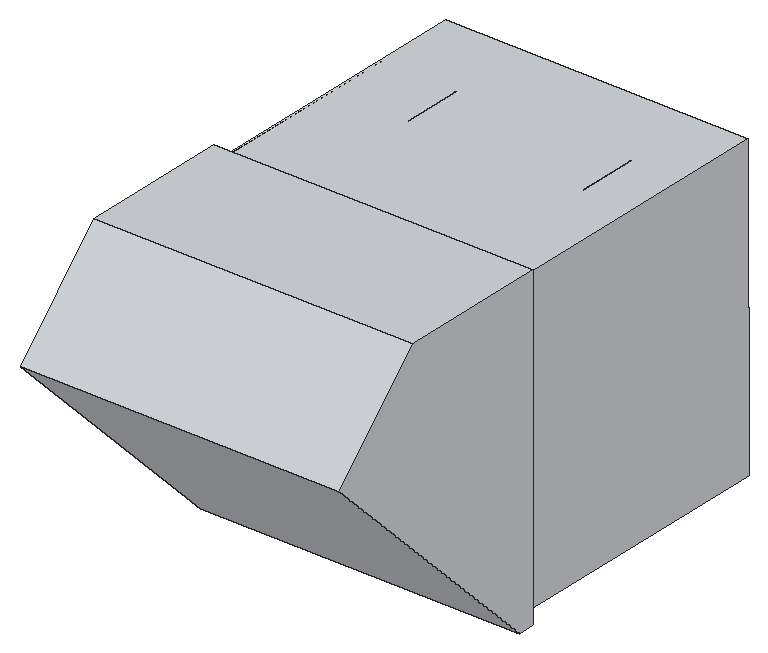
Revit family "APB", category Mechanical Equipment, Revit 2019
Family settings
  Round Connector Dimension = Use Diameter
  Part Type = Normal
  Work Plane-Based = No
  Always vertical = Yes
  Cut with Voids When Loaded = No
  Shared = No
  Room Calculation Point = No
Parameters (values of type "48_APB")
  WO_PAC/2 = WO_PAC / 2  # 2' - 3 21/32"
  WO_PAC = B_PAC + 0' 0 1/4"  # 4' - 7 5/16"
  WH_C = 5' - 1"
  WH_B/2 = WH_B / 2  # 2' - 5"
  WH_B = 4' - 10"
  WH_A = 3' - 8 3/16"
  WEATHER_HOOD [instance] = yes
  Unit Weight [instance] = ""
  Sones [instance] = ""
  SIZE/2 = SIZE / 2  # 2' - 0"
  SIZE = 4' - 0"
  Motor RPM [instance] = ""
  Motor Enclosure [instance] = ""
  ModelID [instance] = ""
  MOTOR = D_SUP / 10  # 0' - 5.4"
  LwA [instance] = ""
  Fan RPM [instance] = ""
  D_SUP/2 = D_SUP / 2  # 2' - 3"
  D_SUP = 4' - 6"
  D_PAC/2 = D_PAC / 2 - 0' 4"  # 1' - 9 7/16"
  D_PAC = 4' - 2 7/8"
  D/2 = D / 2  # 0' - 1 1/2"
  D = 0' - 3"
  C_PAC/2 = C_PAC / 2  # 2' - 1 3/4"
  C_PAC = 4' - 3 1/2"
  C/2 = C / 2  # 0' - 3 13/16"
  C = 0' - 7 5/8"
  B_PAC/2 = B_PAC / 2  # 2' - 3 17/32"
  B_PAC = 4' - 7 1/16"
  B/4 = B / 4  # 0' - 6 37/64"
  B/2 = B / 2  # 1' - 1 5/32"
  B = 2' - 2 5/16"
  Accessories [instance] = ""
  A_PAC/2 = A_PAC / 2  # 2' - 4 3/4"
  A_PAC = 4' - 9 1/2"
  A/7 = A / 7  # 0' - 7.74107"
  A/3.5 = A / 3.5  # 1' - 3.48214"
  A/2 = A / 2  # 2' - 3 3/32"
  A = 4' - 6 3/16"
  9" = 0' - 9"  # constant formula
  3" = 0' - 3"  # constant formula
  Brake Hp [instance] = ""
  4" = 0' - 4"  # constant formula
  2' = 2' - 0"
  2" = 0' - 2"  # constant formula
  135 = 135.00°  # constant formula
  90 = 90.00°  # constant formula
  1" = 0' - 1"  # constant formula
  0 = 0' - 0"  # constant formula
  Voltage [instance] = 0 V
  URL = "www.lorencook.com"
  Type Comments = "Axia-Pac Wall Exhaust Ventilator Cast Aluminum Propeller Belt Drive"  # constant formula
  Static Pressure [instance] = 0.00 in-wg
  Power [instance] = Voltage * Motor FLA * sqrt(if(Phase = 3, 3, 1))  # 0 VA
  Phase [instance] = 0
  Number of Poles [instance] = 1
  Motor Hp [instance] = "0"
  Motor FLA [instance] = 0 A
  Model = "APB"  # constant formula
  Manufacturer = "Loren Cook Company"
  CFM [instance] = 0 CFM
  1.5 = 0' - 1 1/2"  # constant formula
  HALF = 0' - 0 1/2"  # constant formula
  ONE EIGTH = 0' - 0 1/8"  # constant formula
  -WH_B/2 = -WH_B / 2  # -2' - 5"
  -D_PAC/2 = -D_PAC / 2 - 0' 4"  # -2' - 5 7/16"
  -D = -D  # -0' - 3"
  -C/2 = -C / 2  # -0' - 3 13/16"
  -B+1" = -B + 0' 2"  # -2' - 0 5/16"
  -B = -B  # -2' - 2 5/16"
  -((SIZE/2)-.25") = -((SIZE / 2) - 0' 0 1/4")  # -1' - 11 3/4"
  -((A/2)-C-.5") = -((A / 2) - C - 0' 0 1/2")  # -1' - 6 31/32"
  (SIZE/2)-.25" = (SIZE / 2) - 0' 0 1/4"  # 1' - 11 3/4"
  (D_SUP/2)-(C/2)-.125" = (D_SUP / 2) - (C / 2) - 0' 0 1/8"  # 1' - 11 1/16"
  (A/2)-C-.5" = (A / 2) - C - 0' 0 1/2"  # 1' - 6 31/32"
  (A/2)-1" = (A / 2) - 0' 0 1/4"  # 2' - 2 27/32"
Types (6): name | WO_PAC/2 | WO_PAC | WH_C | WH_B/2 | WH_B | WH_A | SIZE/2 | SIZE | MOTOR | D_SUP/2 | D_SUP | D_PAC/2 | D_PAC | D/2 | D | C_PAC/2 | C_PAC | C/2 | C | B_PAC/2 | B_PAC | B/4 | B/2 | B | A_PAC/2 | A_PAC | A/7 | A/3.5 | A/2 | A | -WH_B/2 | -D_PAC/2 | -D | -C/2 | -B+1" | -B | -((SIZE/2)-.25") | -((A/2)-C-.5") | (SIZE/2)-.25" | (D_SUP/2)-(C/2)-.125" | (A/2)-C-.5" | (A/2)-1"
  (no name) | 2' - 3 21/32" | 4' - 7 5/16" | 5' - 1" | 2' - 5" | 4' - 10" | 3' - 8 3/16" | 2' - 0" | 4' - 0" | 0' - 5.4" | 2' - 3" | 4' - 6" | 1' - 9 7/16" | 4' - 2 7/8" | 0' - 1 1/2" | 0' - 3" | 2' - 1 3/4" | 4' - 3 1/2" | 0' - 3 13/16" | 0' - 7 5/8" | 2' - 3 17/32" | 4' - 7 1/16" | 0' - 6 37/64" | 1' - 1 5/32" | 2' - 2 5/16" | 2' - 4 3/4" | 4' - 9 1/2" | 0' - 7.74107" | 1' - 3.48214" | 2' - 3 3/32" | 4' - 6 3/16" | -2' - 5" | -2' - 5 7/16" | -0' - 3" | -0' - 3 13/16" | -2' - 0 5/16" | -2' - 2 5/16" | -1' - 11 3/4" | -1' - 6 31/32" | 1' - 11 3/4" | 1' - 11 1/16" | 1' - 6 31/32" | 2' - 2 27/32"
  24_APB | 1' - 3 5/8" | 2' - 7 1/4" | 3' - 1" | 1' - 5" | 2' - 10" | 2' - 3 1/8" | 1' - 0" | 2' - 0" | 0' - 3" | 1' - 3" | 2' - 6" | 1' - 1 3/16" | 2' - 10 3/8" | 0' - 1" | 0' - 2" | 1' - 1 3/4" | 2' - 3 1/2" | 0' - 3 3/8" | 0' - 6 3/4" | 1' - 3 1/2" | 2' - 7" | 0' - 4 49/64" | 0' - 9 17/32" | 1' - 7 1/16" | 1' - 4 3/4" | 2' - 9 1/2" | 0' - 4 5/16" | 0' - 8 5/8" | 1' - 3 3/32" | 2' - 6 3/16" | -1' - 5" | -1' - 9 3/16" | -0' - 2" | -0' - 3 3/8" | -1' - 5 1/16" | -1' - 7 1/16" | -0' - 11 3/4" | -0' - 7 27/32" | 0' - 11 3/4" | 0' - 11 1/2" | 0' - 7 27/32" | 1' - 2 27/32"
  30_APB | 1' - 6 5/8" | 3' - 1 1/4" | 3' - 7" | 1' - 8" | 3' - 4" | 2' - 7 7/16" | 1' - 3" | 2' - 6" | 0' - 3.6" | 1' - 6" | 3' - 0" | 1' - 3" | 3' - 2" | 0' - 1 1/2" | 0' - 3" | 1' - 4 3/4" | 2' - 9 1/2" | 0' - 3 3/8" | 0' - 6 3/4" | 1' - 6 1/2" | 3' - 1" | 0' - 4 49/64" | 0' - 9 17/32" | 1' - 7 1/16" | 1' - 7 3/4" | 3' - 3 1/2" | 0' - 5.16964" | 0' - 10.33929" | 1' - 6 3/32" | 3' - 0 3/16" | -1' - 8" | -1' - 11" | -0' - 3" | -0' - 3 3/8" | -1' - 5 1/16" | -1' - 7 1/16" | -1' - 2 3/4" | -0' - 10 27/32" | 1' - 2 3/4" | 1' - 2 1/2" | 0' - 10 27/32" | 1' - 5 27/32"
  36_APB | 1' - 9 5/8" | 3' - 7 1/4" | 4' - 1" | 1' - 11" | 3' - 10" | 2' - 11 11/16" | 1' - 6" | 3' - 0" | 0' - 4.2" | 1' - 9" | 3' - 6" | 1' - 3 3/4" | 3' - 3 1/2" | 0' - 1 1/2" | 0' - 3" | 1' - 7 3/4" | 3' - 3 1/2" | 0' - 3 11/16" | 0' - 7 3/8" | 1' - 9 1/2" | 3' - 7" | 0' - 4 49/64" | 0' - 9 17/32" | 1' - 7 1/16" | 1' - 10 3/4" | 3' - 9 1/2" | 0' - 6.02679" | 1' - 0.05357" | 1' - 9 3/32" | 3' - 6 3/16" | -1' - 11" | -1' - 11 3/4" | -0' - 3" | -0' - 3 11/16" | -1' - 5 1/16" | -1' - 7 1/16" | -1' - 5 3/4" | -1' - 1 7/32" | 1' - 5 3/4" | 1' - 5 3/16" | 1' - 1 7/32" | 1' - 8 27/32"
  42_APB | 2' - 0 21/32" | 4' - 1 5/16" | 4' - 7" | 2' - 2" | 4' - 4" | 3' - 3 15/16" | 1' - 9" | 3' - 6" | 0' - 4.8" | 2' - 0" | 4' - 0" | 1' - 4 7/16" | 3' - 4 7/8" | 0' - 1 1/2" | 0' - 3" | 1' - 10 3/4" | 3' - 9 1/2" | 0' - 3 13/16" | 0' - 7 5/8" | 2' - 0 17/32" | 4' - 1 1/16" | 0' - 5 11/64" | 0' - 10 11/32" | 1' - 8 11/16" | 2' - 1 3/4" | 4' - 3 1/2" | 0' - 6.88393" | 1' - 1.76786" | 2' - 0 3/32" | 4' - 0 3/16" | -2' - 2" | -2' - 0 7/16" | -0' - 3" | -0' - 3 13/16" | -1' - 6 11/16" | -1' - 8 11/16" | -1' - 8 3/4" | -1' - 3 31/32" | 1' - 8 3/4" | 1' - 8 1/16" | 1' - 3 31/32" | 1' - 11 27/32"
  48_APB | 2' - 3 21/32" | 4' - 7 5/16" | 5' - 1" | 2' - 5" | 4' - 10" | 3' - 8 3/16" | 2' - 0" | 4' - 0" | 0' - 5.4" | 2' - 3" | 4' - 6" | 1' - 9 7/16" | 4' - 2 7/8" | 0' - 1 1/2" | 0' - 3" | 2' - 1 3/4" | 4' - 3 1/2" | 0' - 3 13/16" | 0' - 7 5/8" | 2' - 3 17/32" | 4' - 7 1/16" | 0' - 6 37/64" | 1' - 1 5/32" | 2' - 2 5/16" | 2' - 4 3/4" | 4' - 9 1/2" | 0' - 7.74107" | 1' - 3.48214" | 2' - 3 3/32" | 4' - 6 3/16" | -2' - 5" | -2' - 5 7/16" | -0' - 3" | -0' - 3 13/16" | -2' - 0 5/16" | -2' - 2 5/16" | -1' - 11 3/4" | -1' - 6 31/32" | 1' - 11 3/4" | 1' - 11 1/16" | 1' - 6 31/32" | 2' - 2 27/32"
Reference planes (in)
  plane 1 "Center (Front/Back)": y = 0
  plane 2: z = 0
  plane 3 "Center (Left/Right)": x = 0.40541
Forms (in)
  Revolve 1, solid
    sketch origin (0.40541, 0, 0) x (0, 1, 0) y (0, 0, 1)
      loop
        line (-4.8125, 3.8125) -> (-4.8125, 0) -> (-3.8125, 0) -> (-3.8125, 3.8125) -> (-4.8125, 3.8125)
      axis (-4.8125, 0) -> (-3.8125, 0)
    angle from 0 to 360
  Extrusion 2, solid
    sketch origin (0.40541, 0, 0) x (0, 1, 0) y (0, 0, 1)
      loop
        line (0, -3.8125) -> (-7.625, 3.8125) -> (-7.71339, 3.72411) -> (-0.08839, -3.90089) -> (0, -3.8125)
    from 30 to 3.8125 <- "C/2"
  Extrusion 3, solid
    sketch origin (0.40541, 0, 0) x (0, 1, 0) y (-1, 0, 0)
      loop
        line (0, -3.8125) -> (-7.625, 3.8125) -> (-7.71339, 3.72411) -> (-0.08839, -3.90089) -> (0, -3.8125)
    from 30 to 3.8125 <- "C/2"
  Extrusion 4, solid
    sketch origin (0.40541, 0, 0) x (0, 1, 0) y (0, 0, -1)
      loop
        line (0, -3.8125) -> (-7.625, 3.8125) -> (-7.71339, 3.72411) -> (-0.08839, -3.90089) -> (0, -3.8125)
    from 30 to 3.8125 <- "C/2"
  Extrusion 5, solid
    sketch origin (0.40541, 0, 0) x (1, 0, 0) y (0, 1, 0)
      loop
        line (-3.8125, 0) -> (-3.90089, -0.08839) -> (3.72411, -7.71339) -> (3.8125, -7.625) -> (-3.8125, 0)
    from -30 to -3.8125 <- "-C/2"
  Extrusion 6, void
    sketch origin (0, 0, 0) x (1, 0, 0) y (0, 0, 1)
      loop
        circle (0.40541, 0) r 23.0625
      loop
        circle (0.40541, 0) r 40
    from 0 to 9 <- "9""
  Extrusion 7, solid
    sketch origin (0, 0, 0) x (1, 0, 0) y (0, 0, 1)
      loop
        line (-26.68834, 27.09375) -> (-26.68834, -27.09375) -> (27.49916, -27.09375) -> (27.49916, 27.09375) -> (-26.68834, 27.09375)
      loop
        circle (0.40541, 0) r 27
    from 0 to -0.125
  Extrusion 8, solid
    sketch origin (0, 0, 0) x (1, 0, 0) y (0, 0, 1)
      loop
        line (-26.68834, 27.09375) -> (-26.68834, -27.09375) -> (27.49916, -27.09375) -> (27.49916, 27.09375) -> (-26.68834, 27.09375)
      loop
        line (27.37416, -26.96875) -> (27.37416, 26.96875) -> (-26.56334, 26.96875) -> (-26.56334, -26.96875) -> (27.37416, -26.96875)
    from 0 to -3 <- "-D"
  Extrusion 9, solid
    sketch origin (0, 0, 0) x (1, 0, 0) y (0, 0, 1)
      loop
        circle (0.40541, 0) r 1
    from 2 to -26.3125 <- "-B"
  Extrusion 10, solid
    sketch origin (0, 0, 0) x (1, 0, 0) y (0, 0, 1)
      loop
        line (-15.07673, -2) -> (-15.07673, -11) -> (-14.95173, -11) -> (-14.95173, -3.5) -> (15.76256, -3.5) -> (15.76256, -11) -> (15.88756, -11) -> (15.88756, -2) -> (-15.07673, -2)
    from 0 to -24.3125 <- "-B+1""
  Sweep 11, solid
    path origin (0.40541, 0, 0) x (0, 1, 0) y (0, 0, 1)
      loop
        line (0.125, 25.96875) -> (16.73437, 25.96875)
        arc (16.73437, 25.96875) -> (21.38581, 24.04206) -> (23.3125, 19.39062) r 6.57812
        line (23.3125, 19.39062) -> (23.3125, -19.39062)
        arc (23.3125, -19.39062) -> (21.38581, -24.04206) -> (16.73437, -25.96875) r 6.57812
        line (16.73437, -25.96875) -> (0.125, -25.96875)
    profile origin (0.40541, 8.42969, 25.96875) x (0, 0, 1) y (1, 0, 0)
      loop
        circle (0, -15.98214) r 0.5
      loop
        circle (0, 15.98214) r 0.5
  Revolve 12, solid
    sketch origin (0.40541, 0, 0) x (0, 1, 0) y (0, 0, 1)
      loop
        arc (-0.125, 27) -> (-1.19782, 24.34872) -> (-3.8125, 23.18955) r 3.8125
        line (-3.8125, 23.18955) -> (-3.8125, 23.06448)
        arc (-3.8125, 23.06448) -> (-1.10942, 24.26032) -> (0, 27) r 3.9375
        line (0, 27) -> (-0.125, 27)
      axis (-3.8125, 0) -> (0, 0)
    angle from 0 to 360
  Extrusion 13, solid
    sketch origin (0, 24.3125, 0) x (-1, 0, 0) y (0, 0, 1)
      loop
        circle (-0.40541, -8.9) r 5.4
    from 0 to -24.3125 <- "-B+1""
  Extrusion 14, solid
    sketch origin (0, 26.3125, 0) x (-1, 0, 0) y (0, 0, 1)
      loop
        circle (-0.40541, -8.9) r 1
    from 0 to -2
  Extrusion 15, solid
    sketch origin (0, 24.3125, 0) x (-1, 0, 0) y (0, 0, 1)
      loop
        line (-3.40541, -0.5) -> (-3.40541, -2) -> (2.59459, -2) -> (2.59459, -0.5) -> (1.53108, -0.5)
        arc (1.53108, -0.5) -> (-0.40541, 2) -> (-2.3419, -0.5) r 2
        line (-2.3419, -0.5) -> (-3.40541, -0.5)
    from -2.5 to -1
  Extrusion 16, solid
    sketch origin (0, 0, 0) x (1, 0, 0) y (0, 0, 1)
      loop
        arc (2.3419, -0.5) -> (0.40541, 2) -> (-1.53108, -0.5) r 2
        line (-1.53108, -0.5) -> (-2.59459, -0.5) -> (-2.59459, -2) -> (3.40541, -2) -> (3.40541, -0.5) -> (2.3419, -0.5)
    from -2.5 to -1
  Extrusion 17, solid
    sketch origin (0, 0, 0) x (1, 0, 0) y (0, 0, 1)
      loop
        line (-27.00084, 27.40625) -> (-27.00084, -27.40625) -> (27.81166, -27.40625) -> (27.81166, 27.40625) -> (-27.00084, 27.40625)
      loop
        line (27.93666, -27.53125) -> (27.93666, 27.53125) -> (-27.12584, 27.53125) -> (-27.12584, -27.53125) -> (27.93666, -27.53125)
    from -29.4375 <- "-D_PAC/2" to 21.4375 <- "D_PAC/2"
  Extrusion 18, solid
    sketch origin (0, -21.4375, 0) x (1, 0, 0) y (0, 0, 1)
      loop
        line (-28.34459, 28.75) -> (-28.34459, -28.75) -> (29.15541, -28.75) -> (29.15541, 28.75) -> (-28.34459, 28.75)
      loop
        line (26.15541, -25.75) -> (26.15541, 25.75) -> (-25.34459, 25.75) -> (-25.34459, -25.75) -> (26.15541, -25.75)
    from 0 to 0.125
  Extrusion 19, solid
    sketch origin (0, -21.5625, 0) x (1, 0, 0) y (0, 0, 1)
      loop
        line (-25.34459, 25.75) -> (-25.34459, -25.75) -> (26.15541, -25.75) -> (26.15541, 25.75) -> (-25.34459, 25.75)
      loop
        line (24.15541, -23.75) -> (24.15541, 23.75) -> (-23.34459, 23.75) -> (-23.34459, -23.75) -> (24.15541, -23.75)
    from 0 to 2
  Extrusion 20, solid, visible <- "WEATHER_HOOD"
    sketch origin (0.40541, 0, 0) x (0, 1, 0) y (0, 0, 1)
      loop
        line (-21.5625, 29) -> (-48.9375, 29) -> (-65.75, 12.1875) -> (-24.5625, -29) -> (-21.5625, -29) -> (-21.5625, 29)
    from -29 <- "-WH_B/2" to 29 <- "WH_B/2"
Cuts and joins
  Extrusion 6 cuts Revolve 1
  Extrusion 6 cuts Extrusion 2
  Extrusion 6 cuts Extrusion 3
  Extrusion 6 cuts Extrusion 4
  Extrusion 6 cuts Extrusion 5
Dimensions and locks (in)
  "0": Revolve 1 sketch curve to level  (x2)
  "C/2": Revolve 1 sketch curve to level
  "C/2": plane 1 "Center (Front/Back)" to Revolve 1 sketch curve
  "1"": Revolve 1 sketch curve to Revolve 1 sketch curve
  "0": Extrusion 2 sketch curve to plane 1 "Center (Front/Back)"
  "C": plane 1 "Center (Front/Back)" to Extrusion 2 sketch curve
  "C/2": Extrusion 2 sketch curve to level
  "C/2": level to Extrusion 2 sketch curve
  "ONE EIGTH": Extrusion 2 sketch curve to Extrusion 2 sketch curve
  "ONE EIGTH": Extrusion 3 sketch curve to Extrusion 3 sketch curve
  "ONE EIGTH": Extrusion 4 sketch curve to Extrusion 4 sketch curve
  "ONE EIGTH": Extrusion 5 sketch curve to Extrusion 5 sketch curve
  Extrusion 6 sketch curve to plane 3 "Center (Left/Right)" = 0' - 0"  (x2)
  level to Extrusion 6 sketch curve = 0' - 0"
  Extrusion 6 sketch curve to level = 0' - 0"
  "0": Extrusion 3 sketch curve to plane 1 "Center (Front/Back)"
  "C": Extrusion 3 sketch curve to plane 1 "Center (Front/Back)"
  "C/2": plane 3 "Center (Left/Right)" to Extrusion 3 sketch curve
  "C/2": Extrusion 3 sketch curve to plane 3 "Center (Left/Right)"
  "C": plane 1 "Center (Front/Back)" to Extrusion 4 sketch curve
  "0": Extrusion 4 sketch curve to plane 1 "Center (Front/Back)"
  "C/2": level to Extrusion 4 sketch curve
  "C/2": Extrusion 4 sketch curve to level
  "0": Extrusion 5 sketch curve to plane 1 "Center (Front/Back)"
  "C": Extrusion 5 sketch curve to plane 1 "Center (Front/Back)"
  "C/2": plane 3 "Center (Left/Right)" to Extrusion 5 sketch curve
  "C/2": Extrusion 5 sketch curve to plane 3 "Center (Left/Right)"
  "A/2": plane 3 "Center (Left/Right)" to Extrusion 7 sketch curve
  "A/2": Extrusion 7 sketch curve to plane 3 "Center (Left/Right)"
  "A/2": Extrusion 7 sketch curve to level
  "A/2": level to Extrusion 7 sketch curve
  "0": Extrusion 7 sketch curve to level
  "0": Extrusion 7 sketch curve to plane 3 "Center (Left/Right)"
  "ONE EIGTH": Extrusion 8 sketch curve to Extrusion 8 sketch curve  (x4)
  "A/2": plane 3 "Center (Left/Right)" to Extrusion 8 sketch curve  (x2)
  "A/2": level to Extrusion 8 sketch curve
  "A/2": Extrusion 8 sketch curve to level
  "0": Extrusion 9 sketch curve to level
  "0": Extrusion 9 sketch curve to plane 3 "Center (Left/Right)"
  "2"": level to Extrusion 10 sketch curve
  "9"": Extrusion 10 sketch curve to Extrusion 10 sketch curve  (x2)
  "A/3.5": Extrusion 10 sketch curve to plane 3 "Center (Left/Right)"
  "A/3.5": plane 3 "Center (Left/Right)" to Extrusion 10 sketch curve
  "ONE EIGTH": Sweep 11 sketch curve to plane 1 "Center (Front/Back)"  (x2)
  "1"": Extrusion 8 to Sweep 11 sketch curve  (x2)
  "0": Sweep 11 sketch curve to profile plane  (x2)
  "HALF": Sweep 11 sketch curve to Extrusion 10  (x2)
  "0": Revolve 12 sketch curve to level
  "D_SUP/2": Revolve 12 sketch curve to level
  "ONE EIGTH": plane 1 "Center (Front/Back)" to Revolve 12 sketch curve
  "ONE EIGTH": Revolve 12 sketch curve to Revolve 12 sketch curve
  "0": Revolve 12 sketch curve to Revolve 12 sketch curve
  "ONE EIGTH": Extrusion 10 sketch curve to Extrusion 10 sketch curve  (x2)
  "1.5": Extrusion 10 sketch curve to Extrusion 10 sketch curve
  "1"": Extrusion 10 to Sweep 11 sketch curve
  "0": Extrusion 13 sketch curve to plane 3 "Center (Left/Right)"
  "MOTOR": Extrusion 13 sketch curve to Extrusion 10
  "0": Extrusion 14 sketch curve to plane 3 "Center (Left/Right)"
  "MOTOR": Extrusion 14 sketch curve to Extrusion 10
  "0": Extrusion 10 to Extrusion 15 sketch curve
  "1.5": Extrusion 15 sketch curve to Extrusion 15 sketch curve
  "3"": plane 3 "Center (Left/Right)" to Extrusion 15 sketch curve  (x2)
  "0": Extrusion 15 sketch curve to plane 3 "Center (Left/Right)"
  "0": level to Extrusion 15 sketch curve
  "0": Extrusion 16 sketch curve to plane 3 "Center (Left/Right)"
  "0": Extrusion 16 sketch curve to level
  "0": Extrusion 10 to Extrusion 16 sketch curve
  "1.5": Extrusion 10 to Extrusion 16 sketch curve
  "3"": plane 3 "Center (Left/Right)" to Extrusion 16 sketch curve  (x2)
  "C/2": Extrusion 8 to Revolve 12 sketch curve
  "ONE EIGTH": Extrusion 17 sketch curve to Extrusion 17 sketch curve  (x4)
  "B_PAC/2": Extrusion 17 sketch curve to level
  "B_PAC/2": level to Extrusion 17 sketch curve
  "B_PAC/2": plane 3 "Center (Left/Right)" to Extrusion 17 sketch curve  (x2)
  "A_PAC/2": plane 3 "Center (Left/Right)" to Extrusion 18 sketch curve
  "A_PAC/2": Extrusion 18 sketch curve to plane 3 "Center (Left/Right)"
  "C_PAC/2": plane 3 "Center (Left/Right)" to Extrusion 18 sketch curve  (x2)
  "A_PAC/2": Extrusion 18 sketch curve to level
  "C_PAC/2": Extrusion 18 sketch curve to level
  "C_PAC/2": level to Extrusion 18 sketch curve
  "A_PAC/2": level to Extrusion 18 sketch curve
  "2"": Extrusion 19 sketch curve to Extrusion 19 sketch curve  (x4)
  "C_PAC/2": plane 3 "Center (Left/Right)" to Extrusion 19 sketch curve
  "C_PAC/2": Extrusion 19 sketch curve to plane 3 "Center (Left/Right)"
  "C_PAC/2": Extrusion 19 sketch curve to level
  "C_PAC/2": level to Extrusion 19 sketch curve
  "0": Extrusion 20 sketch curve to Extrusion 18
  "WH_A": Extrusion 20 sketch curve to Extrusion 20 sketch curve
  "3"": Extrusion 20 sketch curve to Extrusion 20 sketch curve
  "WH_B/2": Extrusion 20 sketch curve to level  (x2)
  "(D_SUP/2)-(C/2)-.125"": radius of Extrusion 6 sketch curve
  "D_SUP/2": radius of Extrusion 7 sketch curve
  "1"": radius of Extrusion 9 sketch curve
  "B/4": radius of Sweep 11 sketch curve  (x2)
  "HALF": radius of Sweep 11 sketch curve  (x2)
  "MOTOR": radius of Extrusion 13 sketch curve
  "1"": radius of Extrusion 14 sketch curve
  "2"": radius of Extrusion 15 sketch curve
  "2"": radius of Extrusion 16 sketch curve
  "90": angle Extrusion 20 sketch curve to Extrusion 20 sketch curve
  "135": angle Extrusion 20 sketch curve to Extrusion 20 sketch curve
Automatic sketch dimensions
  Revolve 1 sketch curve to plane 1 "Center (Front/Back)" = 0' - 0"
  Revolve 1 sketch curve to Revolve 1 sketch curve = 2' - 2"
  Extrusion 15 sketch curve to Extrusion 15 sketch curve = 0' - 1.06351"
  Extrusion 16 sketch curve to Extrusion 16 sketch curve = 0' - 1.06351"
  Extrusion 16 sketch curve to Extrusion 16 sketch curve = 0' - 0"  (x2)
  plane 1 "Center (Front/Back)" to Revolve 12 sketch curve = 0' - 3 1/4"
  Revolve 12 sketch curve to Revolve 12 sketch curve = 0' - 1.44822"
  Revolve 12 sketch curve to Revolve 12 sketch curve = 0' - 0"
  Revolve 12 sketch curve to Revolve 12 sketch curve = 0' - 0 1/8"
  radius of Extrusion 6 sketch curve = 3' - 4"
Connectors (in)
  electrical at (0.40541, 0, -8.9)
    settings: on Extrusion 13, index 2, voltage 0 V, apparent load 0 VA, apparent load phase1 0 VA, apparent load phase2 0 VA, apparent load phase3 0 VA, power factor 1, load classification "Other", number of poles 1, system type 30, power factor state 1, is connector primary yes, connector utility no, sub classification motor no, connector description ""
  hvac at (0.40541, -23.5625, 0), driven by "WO_PAC", driven by "WO_PAC", driven by "CFM"
    settings: on Extrusion 19, index 3, duct flow 0 CFM, flow factor 0, pres drop 0.00 in-wg, loss coef 0, conn angle 0.00°, conn width 55 5/16", conn height 55 5/16", conn diameter 24", duct sys type 3, conn prof type 1, flow config 0, flow direction 2, loss method 0, conn ref index -1, conn util no, is conn primary yes, conn desc ""
  hvac at (0.40541, 29.4375, 0), driven by "WO_PAC", driven by "WO_PAC", driven by "CFM"
    settings: on Extrusion 17, index 4, duct flow 0 CFM, flow factor 0, pres drop 0.00 in-wg, loss coef 0, conn angle 0.00°, conn width 55 5/16", conn height 55 5/16", conn diameter 24", duct sys type 3, conn prof type 1, flow config 0, flow direction 1, loss method 0, conn ref index -1, conn util no, is conn primary no, conn desc ""
